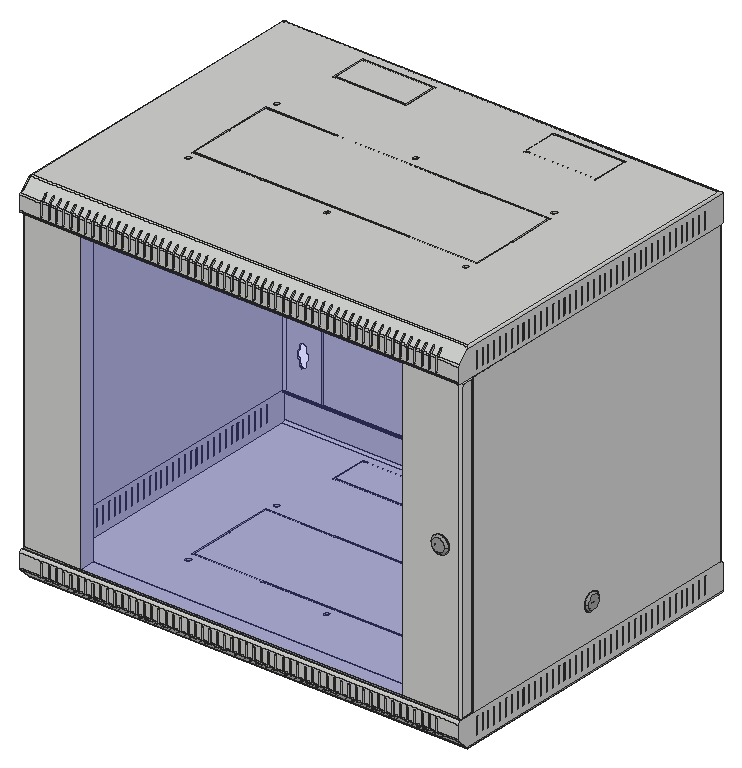
Revit family "600х450", category Обобщенные модели, Revit 2019
Family settings
  Может служить основой для арматурных стержней = Нет
  Размер круглого соединителя = Использовать диаметр
  Тип детали = Нормальный
  На основе рабочей плоскости = Нет
  Всегда вертикально = Да
  При загрузке вырезать с полостями = Нет
  Общий = Нет
  Точка расчета площади = Нет
Parameters (values of type "ШТ-НСрМ 9U (600x450) стеклянная дверь")
  Дверь = Дверь_С : Дверь_С
  Высота_двери = ADSK_Размер_Высота - 80 mm  # 413 mm
  ADSK_Этаж [instance] = ""
  ADSK_Размер_Ширина = 600 mm  # constant formula
  ADSK_Размер_Глубина = 450 mm  # constant formula
  ADSK_Размер_Высота = 493 mm
  ADSK_Примечание [instance] = ""
  ADSK_Предел огнестойкости = ""
  ADSK_Позиция [instance] = ""
  ADSK_Обозначение = "ШТ-НСрМ 9U (600x450) стеклянная дверь"
  ADSK_Наименование = "Шкаф телекоммуникационный настенный разборный со съемными боковыми стенками 19”,9U(600x450), ШТ-НСрМ-9U-600-450-С дверь стекло ССД"
  ADSK_Материал обозначение = "Серый RAL 7035"  # constant formula
  ADSK_Масса_Текст = "18,5"
  ADSK_Марка [instance] = "ШТ-НСрМ 9U (600x450) стеклянная дверь"
  ADSK_Код изделия = "130411-00793"
  ADSK_Зона = ""
  ADSK_Завод-изготовитель = "АО СВЯЗЬСТРОЙДЕТАЛЬ"  # constant formula
  ADSK_Единица измерения = "шт"  # constant formula
  ADSK_URL страницы изделия = "https://www.ssd.ru/shkaf-telekommunikatsionnyy-nastennyy-razbornyy-so-semnymi-bokovymi-stenkami-19-9u-600x450-sht-nsrm--75394"
  ADSK_URL документации изделия = ""
Reference planes
  plane 1 "По центру (Вперед/Назад)": y = 0
  plane 2: z = 0
  plane 3 "По центру (Влево/Вправо)": x = 0
  plane 4: y = 225
  plane 5: y = -225
  plane 6: x = -300
  plane 7: x = 300
  plane 8: z = 246.5
  plane 9: z = -246.5
  plane 10: z = 206.5
  plane 11: z = -206.5
Forms (mm)
  Extrusion 1, solid, material "RAL 7035", detail levels medium+fine
    sketch origin (0, 174.994, 41.996) x (0, 1, 0) y (-1, 0, 0)
      loop
        line (47.006, 300) -> (-375.51, 300)
        arc (-375.51, 300) -> (-376.004, 299.506) -> (-375.51, 299.013) r 0.494
        line (-375.51, 299.013) -> (45.992, 299.013)
        arc (45.992, 299.013) -> (48.118, 298.132) -> (48.999, 296.006) r 3.007
        line (48.999, 296.006) -> (48.999, 246.94)
        arc (48.999, 246.94) -> (49.499, 246.44) -> (50, 246.94) r 0.501
        line (50, 246.94) -> (50, 297.006)
        arc (50, 297.006) -> (49.123, 299.123) -> (47.006, 300) r 2.994
      loop
        arc (46.993, -300) -> (49.119, -299.119) -> (50, -296.993) r 3.007
        line (50, -296.993) -> (50, -246.948)
        arc (50, -246.948) -> (49.499, -246.447) -> (48.998, -246.948) r 0.501
        line (48.998, -246.948) -> (48.998, -295.993)
        arc (48.998, -295.993) -> (48.117, -298.119) -> (45.991, -299) r 3.007
        line (45.991, -299) -> (-375.504, -299)
        arc (-375.504, -299) -> (-376.004, -299.5) -> (-375.504, -300) r 0.5
        line (-375.504, -300) -> (46.993, -300)
      loop
        line (49.006, 245.778) -> (49.006, -245.93)
        arc (49.006, -245.93) -> (49.506, -246.43) -> (50.006, -245.93) r 0.5
        line (50.006, -245.93) -> (50.006, 245.778)
        arc (50.006, 245.778) -> (49.506, 246.278) -> (49.006, 245.778) r 0.5
    from -248.496 to 164.504
  Extrusion 2, void, detail levels fine
    sketch origin (3.917, 0, 85.311) x (1, 0, 0) y (0, 0, 1)
      loop
        line (273.229, 77.108) -> (273.229, 81.669)
        arc (273.229, 81.669) -> (268.229, 86.669) -> (263.229, 81.669) r 5
        line (263.229, 81.669) -> (263.229, 77.09)
        arc (263.229, 77.09) -> (260.241, 70.854) -> (263.229, 64.618) r 8
        line (263.229, 64.618) -> (263.229, 60.039)
        arc (263.229, 60.039) -> (268.229, 55.039) -> (273.229, 60.039) r 5
        line (273.229, 60.039) -> (273.229, 64.6)
        arc (273.229, 64.6) -> (276.241, 70.854) -> (273.229, 77.108) r 8
    from -223.921 to -225
  Extrusion 3, void, detail levels fine
    sketch origin (-3.917, 0, 85.311) x (-1, 0, 0) y (0, 0, -1)
      loop
        arc (273.229, -77.108) -> (276.241, -70.854) -> (273.229, -64.6) r 8
        line (273.229, -64.6) -> (273.229, -60.039)
        arc (273.229, -60.039) -> (268.229, -55.039) -> (263.229, -60.039) r 5
        line (263.229, -60.039) -> (263.229, -64.618)
        arc (263.229, -64.618) -> (260.241, -70.854) -> (263.229, -77.09) r 8
        line (263.229, -77.09) -> (263.229, -81.669)
        arc (263.229, -81.669) -> (268.229, -86.669) -> (273.229, -81.669) r 5
        line (273.229, -81.669) -> (273.229, -77.108)
    from -223.921 to -225
  Extrusion 4, void, detail levels fine
    sketch origin (3.917, 0, -85.311) x (1, 0, 0) y (0, 0, 1)
      loop
        arc (273.229, -77.108) -> (276.241, -70.854) -> (273.229, -64.6) r 8
        line (273.229, -64.6) -> (273.229, -60.039)
        arc (273.229, -60.039) -> (268.229, -55.039) -> (263.229, -60.039) r 5
        line (263.229, -60.039) -> (263.229, -64.618)
        arc (263.229, -64.618) -> (260.241, -70.854) -> (263.229, -77.09) r 8
        line (263.229, -77.09) -> (263.229, -81.669)
        arc (263.229, -81.669) -> (268.229, -86.669) -> (273.229, -81.669) r 5
        line (273.229, -81.669) -> (273.229, -77.108)
    from -225 to -223.993
  Extrusion 5, void, detail levels fine
    sketch origin (-3.917, 0, -85.311) x (-1, 0, 0) y (0, 0, -1)
      loop
        line (273.229, 77.108) -> (273.229, 81.669)
        arc (273.229, 81.669) -> (268.229, 86.669) -> (263.229, 81.669) r 5
        line (263.229, 81.669) -> (263.229, 77.09)
        arc (263.229, 77.09) -> (260.241, 70.854) -> (263.229, 64.618) r 8
        line (263.229, 64.618) -> (263.229, 60.039)
        arc (263.229, 60.039) -> (268.229, 55.039) -> (273.229, 60.039) r 5
        line (273.229, 60.039) -> (273.229, 64.6)
        arc (273.229, 64.6) -> (276.241, 70.854) -> (273.229, 77.108) r 8
    from -223.993 to -225
  Extrusion 6, void, not visible, detail levels fine
    sketch origin (3.917, -50, 13.811) x (1, 0, 0) y (0, 0, 1)
      loop
        line (273.229, 77.108) -> (273.229, 81.669)
        arc (273.229, 81.669) -> (268.229, 86.669) -> (263.229, 81.669) r 5
        line (263.229, 81.669) -> (263.229, 77.09)
        arc (263.229, 77.09) -> (260.241, 70.854) -> (263.229, 64.618) r 8
        line (263.229, 64.618) -> (263.229, 60.039)
        arc (263.229, 60.039) -> (268.229, 55.039) -> (273.229, 60.039) r 5
        line (273.229, 60.039) -> (273.229, 64.6)
        arc (273.229, 64.6) -> (276.241, 70.854) -> (273.229, 77.108) r 8
    from -223.921 to -225
  Extrusion 7, void, not visible, detail levels fine
    sketch origin (-3.917, -50, 13.811) x (-1, 0, 0) y (0, 0, -1)
      loop
        arc (273.229, -77.108) -> (276.241, -70.854) -> (273.229, -64.6) r 8
        line (273.229, -64.6) -> (273.229, -60.039)
        arc (273.229, -60.039) -> (268.229, -55.039) -> (263.229, -60.039) r 5
        line (263.229, -60.039) -> (263.229, -64.618)
        arc (263.229, -64.618) -> (260.241, -70.854) -> (263.229, -77.09) r 8
        line (263.229, -77.09) -> (263.229, -81.669)
        arc (263.229, -81.669) -> (268.229, -86.669) -> (273.229, -81.669) r 5
        line (273.229, -81.669) -> (273.229, -77.108)
    from -223.921 to -225
  Extrusion 8, void, not visible, detail levels fine
    sketch origin (3.917, 0, -13.811) x (1, 0, 0) y (0, 0, 1)
      loop
        arc (273.229, -77.108) -> (276.241, -70.854) -> (273.229, -64.6) r 8
        line (273.229, -64.6) -> (273.229, -60.039)
        arc (273.229, -60.039) -> (268.229, -55.039) -> (263.229, -60.039) r 5
        line (263.229, -60.039) -> (263.229, -64.618)
        arc (263.229, -64.618) -> (260.241, -70.854) -> (263.229, -77.09) r 8
        line (263.229, -77.09) -> (263.229, -81.669)
        arc (263.229, -81.669) -> (268.229, -86.669) -> (273.229, -81.669) r 5
        line (273.229, -81.669) -> (273.229, -77.108)
    from -225 to -223.993
  Extrusion 9, void, not visible, detail levels fine
    sketch origin (-3.917, 0, -13.811) x (-1, 0, 0) y (0, 0, -1)
      loop
        line (273.229, 77.108) -> (273.229, 81.669)
        arc (273.229, 81.669) -> (268.229, 86.669) -> (263.229, 81.669) r 5
        line (263.229, 81.669) -> (263.229, 77.09)
        arc (263.229, 77.09) -> (260.241, 70.854) -> (263.229, 64.618) r 8
        line (263.229, 64.618) -> (263.229, 60.039)
        arc (263.229, 60.039) -> (268.229, 55.039) -> (273.229, 60.039) r 5
        line (273.229, 60.039) -> (273.229, 64.6)
        arc (273.229, 64.6) -> (276.241, 70.854) -> (273.229, 77.108) r 8
    from -223.993 to -225
  Extrusion 10, solid, material "По умолчанию", detail levels medium+fine
    sketch origin (0, 0, -15.973) x (0, 1, 0) y (0, 0, 1)
      loop
        circle (0, -140.561) r 12
    from -300 to -301
  Blend 11, solid, material "По умолчанию", detail levels medium+fine
    base sketch origin (0, 30.14, -15.973) x (0, 1, 0) y (0, 0, 1)
      loop
        circle (-30.14, -140.561) r 12
    top sketch origin (0, 30.14, -15.973) x (0, 1, 0) y (0, 0, 1)
      loop
        circle (-30.14, -140.561) r 9
    from -301 to -304
  Extrusion 12, solid, material "По умолчанию", not visible, detail levels medium+fine
    sketch origin (0, 0, -94.473) x (0, 1, 0) y (0, 0, 1)
      loop
        circle (0, -140.561) r 12
    from -300 to -301
  Blend 13, solid, material "По умолчанию", not visible, detail levels medium+fine
    base sketch origin (0, 30.14, -94.473) x (0, 1, 0) y (0, 0, 1)
      loop
        circle (-30.14, -140.561) r 12
    top sketch origin (0, 30.14, -94.473) x (0, 1, 0) y (0, 0, 1)
      loop
        circle (-30.14, -140.561) r 9
    from -301 to -304
  Extrusion 14, solid, material "По умолчанию", detail levels medium+fine
    sketch origin (0, 0, -15.973) x (0, 1, 0) y (0, 0, -1)
      loop
        circle (0, 140.561) r 12
    from -300 to -301
  Blend 15, solid, material "По умолчанию", detail levels medium+fine
    base sketch origin (0, 30.14, -15.973) x (0, 1, 0) y (0, 0, -1)
      loop
        circle (-30.14, 140.561) r 12
    top sketch origin (0, 30.14, -15.973) x (0, 1, 0) y (0, 0, -1)
      loop
        circle (-30.14, 140.561) r 9
    from -301 to -304
  Extrusion 16, solid, material "По умолчанию", not visible, detail levels medium+fine
    sketch origin (0, 0, -94.473) x (0, 1, 0) y (0, 0, -1)
      loop
        circle (0, 140.561) r 12
    from -300 to -301
  Blend 17, solid, material "По умолчанию", not visible, detail levels medium+fine
    base sketch origin (0, 30.14, -94.473) x (0, 1, 0) y (0, 0, -1)
      loop
        circle (-30.14, 140.561) r 12
    top sketch origin (0, 30.14, -94.473) x (0, 1, 0) y (0, 0, -1)
      loop
        circle (-30.14, 140.561) r 9
    from -301 to -304
  Extrusion 18, void
    sketch origin (0, 0.347, 80.075) x (0, 1, 0) y (0, 0, 1)
      loop
        line (-4.848, -235.859) -> (-4.848, -237.359) -> (3.152, -237.359) -> (3.152, -235.859) -> (-4.848, -235.859)
    from -302 to -304
  Extrusion 19, void
    sketch origin (0, 0, 78.5) x (0, 1, 0) y (0, 0, 1)
      loop
        line (-4.501, -234.284) -> (-4.501, -235.784) -> (3.499, -235.784) -> (3.499, -234.284) -> (-4.501, -234.284)
    from 302 to 304
  Extrusion 20, void, not visible
    sketch origin (0, 0.347, 1.575) x (0, 1, 0) y (0, 0, 1)
      loop
        line (-4.848, -235.859) -> (-4.848, -237.359) -> (3.152, -237.359) -> (3.152, -235.859) -> (-4.848, -235.859)
    from -302 to -304
  Extrusion 21, void, not visible
    sketch origin (0, 0, 0) x (0, 1, 0) y (0, 0, 1)
      loop
        line (-4.501, -234.284) -> (-4.501, -235.784) -> (3.499, -235.784) -> (3.499, -234.284) -> (-4.501, -234.284)
    from 302 to 304
  Extrusion 22, solid, material "RAL 7035", detail levels coarse
    sketch origin (0, 0, 0) x (1, 0, 0) y (0, 0, 1)
      loop
        line (-300, 246.5) -> (-300, -246.5) -> (300, -246.5) -> (300, 246.5) -> (-300, 246.5)
    from -225 to 225
Cuts and joins
  Extrusion 2, Extrusion 3, Extrusion 4, Extrusion 5, Extrusion 19 cuts Extrusion 1
  Extrusion 18 cuts Blend 11
  Extrusion 19 cuts Extrusion 14
  Extrusion 19 cuts Blend 15
Lines and regions (mm)
  reference lines
    curve 1: line (280.158, 0, 156.165) -> (264.158, 0, 156.165)
    curve 3: line (280.158, 0, -156.165) -> (264.158, 0, -156.165)
    curve 5: line (0, -12, -156.534) -> (0, -42, -156.534)
  reference lines, not visible
    curve 2: line (280.158, -50, 84.665) -> (264.158, -50, 84.665)
    curve 4: line (280.158, 0, -84.665) -> (264.158, 0, -84.665)
    curve 6: line (0, -12, -235.034) -> (0, -42, -235.034)
Dimensions and locks
  "ADSK_Размер_Высота": plane 8 to plane 9
  equal spacing: plane 8, level, plane 9
  equal spacing: plane 7, plane 3 "По центру (Влево/Вправо)", plane 6
  "ADSK_Размер_Ширина": plane 7 to plane 6
  equal spacing: plane 4, plane 1 "По центру (Вперед/Назад)", plane 5
  "ADSK_Размер_Глубина": plane 4 to plane 5
  level to Extrusion 1 = 206.5 mm
  locked: plane 10 to plane 8 at 40
  locked: plane 9 to plane 11 at 40
  locked: curve 1 to plane 10 at 50.335
  locked: plane 11 to curve 3 at 50.335
  locked: plane 9 to curve 5 at 89.966
  plane 10 to nested 1 = 40 mm
  locked: plane 8 to nested 1 at 40
  locked: plane 11 to nested 3 at 40
  aligned and locked: level to plane 2
  aligned and locked: Extrusion 1 to plane 6
  aligned and locked: plane 7 to Extrusion 1
  aligned and locked: plane 10 to Extrusion 1
  aligned and locked: Extrusion 1 to plane 11
  aligned and locked: Extrusion 22 to plane 6
  aligned and locked: plane 7 to Extrusion 22
  aligned and locked: Extrusion 22 to plane 9
  aligned and locked: plane 8 to Extrusion 22
  aligned and locked: Extrusion 22 to plane 4
  aligned and locked: plane 5 to Extrusion 22
Automatic sketch dimensions
  Extrusion 2 sketch curve to Extrusion 2 sketch curve = 0 mm  (x5)
  Extrusion 2 sketch curve to Extrusion 2 sketch curve = 5 mm  (x2)
  Extrusion 2 sketch curve to Extrusion 2 sketch curve = 4.988 mm
  Extrusion 2 sketch curve to Extrusion 2 sketch curve = 4.56 mm  (x2)
  Extrusion 2 sketch curve to Extrusion 2 sketch curve = 4.579 mm
  Extrusion 2 sketch curve to Extrusion 2 sketch curve = 6.254 mm
  Extrusion 3 sketch curve to Extrusion 3 sketch curve = 0 mm  (x5)
  Extrusion 3 sketch curve to Extrusion 3 sketch curve = 5 mm  (x2)
  Extrusion 3 sketch curve to Extrusion 3 sketch curve = 4.988 mm
  Extrusion 3 sketch curve to Extrusion 3 sketch curve = 4.56 mm  (x2)
  Extrusion 3 sketch curve to Extrusion 3 sketch curve = 4.579 mm
  Extrusion 3 sketch curve to Extrusion 3 sketch curve = 6.254 mm
  Extrusion 4 sketch curve to Extrusion 4 sketch curve = 0 mm  (x5)
  Extrusion 4 sketch curve to Extrusion 4 sketch curve = 5 mm  (x2)
  Extrusion 4 sketch curve to Extrusion 4 sketch curve = 4.988 mm
  Extrusion 4 sketch curve to Extrusion 4 sketch curve = 4.56 mm  (x2)
  Extrusion 4 sketch curve to Extrusion 4 sketch curve = 4.579 mm
  Extrusion 4 sketch curve to Extrusion 4 sketch curve = 6.254 mm
  Extrusion 5 sketch curve to Extrusion 5 sketch curve = 0 mm  (x5)
  Extrusion 5 sketch curve to Extrusion 5 sketch curve = 5 mm  (x2)
  Extrusion 5 sketch curve to Extrusion 5 sketch curve = 4.988 mm
  Extrusion 5 sketch curve to Extrusion 5 sketch curve = 4.56 mm  (x2)
  Extrusion 5 sketch curve to Extrusion 5 sketch curve = 4.579 mm
  Extrusion 5 sketch curve to Extrusion 5 sketch curve = 6.254 mm
  Extrusion 6 sketch curve to Extrusion 6 sketch curve = 0 mm  (x5)
  Extrusion 6 sketch curve to Extrusion 6 sketch curve = 5 mm  (x2)
  Extrusion 6 sketch curve to Extrusion 6 sketch curve = 4.988 mm
  Extrusion 6 sketch curve to Extrusion 6 sketch curve = 4.56 mm  (x2)
  Extrusion 6 sketch curve to Extrusion 6 sketch curve = 4.579 mm
  Extrusion 6 sketch curve to Extrusion 6 sketch curve = 6.254 mm
  Extrusion 7 sketch curve to Extrusion 7 sketch curve = 0 mm  (x5)
  Extrusion 7 sketch curve to Extrusion 7 sketch curve = 5 mm  (x2)
  Extrusion 7 sketch curve to Extrusion 7 sketch curve = 4.988 mm
  Extrusion 7 sketch curve to Extrusion 7 sketch curve = 4.56 mm  (x2)
  Extrusion 7 sketch curve to Extrusion 7 sketch curve = 4.579 mm
  Extrusion 7 sketch curve to Extrusion 7 sketch curve = 6.254 mm
  Extrusion 8 sketch curve to Extrusion 8 sketch curve = 0 mm  (x5)
  Extrusion 8 sketch curve to Extrusion 8 sketch curve = 5 mm  (x2)
  Extrusion 8 sketch curve to Extrusion 8 sketch curve = 4.988 mm
  Extrusion 8 sketch curve to Extrusion 8 sketch curve = 4.56 mm  (x2)
  Extrusion 8 sketch curve to Extrusion 8 sketch curve = 4.579 mm
  Extrusion 8 sketch curve to Extrusion 8 sketch curve = 6.254 mm
  Extrusion 9 sketch curve to Extrusion 9 sketch curve = 0 mm  (x5)
  Extrusion 9 sketch curve to Extrusion 9 sketch curve = 5 mm  (x2)
  Extrusion 9 sketch curve to Extrusion 9 sketch curve = 4.988 mm
  Extrusion 9 sketch curve to Extrusion 9 sketch curve = 4.56 mm  (x2)
  Extrusion 9 sketch curve to Extrusion 9 sketch curve = 4.579 mm
  Extrusion 9 sketch curve to Extrusion 9 sketch curve = 6.254 mm
  Extrusion 1 sketch curve to plane 6 = 0 mm
  Extrusion 1 sketch curve to plane 7 = 0 mm
  plane 4 to Extrusion 1 sketch curve = 0 mm
  plane 4 to Extrusion 1 sketch curve = 0.006 mm  (x2)
  plane 4 to Extrusion 1 sketch curve = 0.5 mm
  Extrusion 1 sketch curve to Extrusion 1 sketch curve = 0.501 mm  (x2)
  plane 4 to Extrusion 1 sketch curve = 2.999 mm
  plane 4 to Extrusion 1 sketch curve = 3.012 mm
  Extrusion 1 sketch curve to Extrusion 1 sketch curve = 1.014 mm
  Extrusion 1 sketch curve to plane 7 = 1 mm
  Extrusion 1 sketch curve to Extrusion 1 sketch curve = 1.002 mm
  Extrusion 1 sketch curve to plane 5 = 24.49 mm
  plane 6 to Extrusion 1 sketch curve = 0.494 mm
  Extrusion 1 sketch curve to plane 5 = 24.484 mm
  Extrusion 1 sketch curve to Extrusion 1 sketch curve = 49.046 mm
  Extrusion 1 sketch curve to Extrusion 1 sketch curve = 1.018 mm
  Extrusion 1 sketch curve to Extrusion 1 sketch curve = 50.228 mm
  Extrusion 1 sketch curve to Extrusion 1 sketch curve = 1.162 mm
  Extrusion 18 sketch curve to Extrusion 18 sketch curve = 1.5 mm
  Extrusion 19 sketch curve to Extrusion 19 sketch curve = 8 mm
  Extrusion 19 sketch curve to Extrusion 19 sketch curve = 1.5 mm
  Extrusion 18 sketch curve to Extrusion 18 sketch curve = 8 mm
  Extrusion 20 sketch curve to Extrusion 20 sketch curve = 8 mm
  Extrusion 22 sketch curve to plane 6 = 0 mm
  Extrusion 22 sketch curve to plane 7 = 0 mm
  Extrusion 22 sketch curve to plane 8 = 493 mm
  Extrusion 22 sketch curve to Extrusion 22 sketch curve = 493 mm
  radius of Extrusion 10 sketch curve = 12 mm
  radius of Blend 11 sketch curve = 12 mm
  radius of Blend 11 sketch curve = 9 mm
  radius of Extrusion 14 sketch curve = 12 mm
  radius of Blend 15 sketch curve = 12 mm
  radius of Blend 15 sketch curve = 9 mm
  radius of Extrusion 12 sketch curve = 12 mm
  radius of Blend 13 sketch curve = 12 mm
  radius of Blend 13 sketch curve = 9 mm
  radius of Extrusion 16 sketch curve = 12 mm
  radius of Blend 17 sketch curve = 12 mm
  radius of Blend 17 sketch curve = 9 mm
Nested families
  nested 1: "Крышка 450" at (0, 225, -3.5) x (-1, 0, 0) z (0, -1, 0), type "Крышка 450", detail levels medium+fine
  nested 2: "Дверь_С" at (0, -201, 0), ADSK_Размер_Высота <- "Высота_двери", type <- "Дверь", type "Дверь_С", detail levels medium+fine
    with ADSK_Размер_Высота 413 mm
  nested 3: "Крышка 450" at (0, 225, 3.5) x (-1, 0, 0) z (0, -1, 0), type "Крышка 450", detail levels medium+fine
Definition of nested family "Крышка 450"
  Parameters (values of type "Крышка 450")
    Ширина = 600 mm
    Default Elevation = 0 mm
    Материал_Цвет = none
    Глубина = 450 mm
  Reference planes
    plane 1 "По центру (Вперед/Назад)": y = 0
    plane 2: z = 0
    plane 3 "По центру (Влево/Вправо)": x = 0
    plane 4: x = 300
    plane 5: x = -300
    plane 6: y = 250
    plane 7: y = -250
    plane 8: z = 450
  Forms (mm)
    Extrusion 1, solid
      sketch origin (0, 0, 0) x (1, 0, 0) y (0, 1, 0)
        loop
          line (-1219.2, 1219.2) -> (-1219.2, -1219.2) -> (1219.2, -1219.2) -> (1219.2, 1219.2) -> (-1219.2, 1219.2)
      from 0 to -304.8
    Extrusion 2, solid, material <- "Материал_Цвет", detail levels medium+fine
      sketch origin (0, 310.254, -563.001) x (0, 1, 0) y (0, 0, 1)
        loop
          arc (-60.254, 994.781) -> (-60.483, 995.929) -> (-61.133, 996.903) r 3
          line (-61.133, 996.903) -> (-76.353, 1012.122)
          arc (-76.353, 1012.122) -> (-77.326, 1012.773) -> (-78.474, 1013.001) r 3
          line (-78.474, 1013.001) -> (-97.254, 1013.001)
          arc (-97.254, 1013.001) -> (-99.376, 1012.122) -> (-100.254, 1010.001) r 3
          line (-100.254, 1010.001) -> (-100.254, 566.001)
          arc (-100.254, 566.001) -> (-99.376, 563.88) -> (-97.254, 563.001) r 3
          line (-97.254, 563.001) -> (-63.254, 563.001)
          arc (-63.254, 563.001) -> (-61.133, 563.88) -> (-60.254, 566.001) r 3
          line (-60.254, 566.001) -> (-60.254, 994.781)
      from -300 to 300
    Extrusion 3, void, detail levels medium+fine
      sketch origin (-302.566, 67.262, 0) x (1, 0, 0) y (0, 1, 0)
        loop
          line (31.066, 172.333) -> (31.066, 148.933)
          arc (31.066, 148.933) -> (32.566, 147.433) -> (34.066, 148.933) r 1.5
          line (34.066, 148.933) -> (34.066, 172.333)
          arc (34.066, 172.333) -> (32.566, 173.833) -> (31.066, 172.333) r 1.5
      from 440 to 450 <- "Глубина"
    Extrusion 4, void, detail levels medium+fine
      sketch origin (0, 0, 0) x (1, 0, 0) y (0, 1, 0)
        loop
          arc (-300, 246.971) -> (-299.113, 249.113) -> (-296.971, 250) r 3.029
          line (-296.971, 250) -> (-300, 250) -> (-300, 246.971)
      from 0 to 450 <- "Глубина"
    Extrusion 5, void, detail levels medium+fine
      sketch origin (0, 0, 0) x (-1, 0, 0) y (0, -1, 0)
        loop
          line (-300, -246.971) -> (-300, -250) -> (-296.971, -250)
          arc (-296.971, -250) -> (-299.113, -249.113) -> (-300, -246.971) r 3.029
      from 0 to 450 <- "Глубина"
    Extrusion 6, void, detail levels medium+fine
      sketch origin (0, 0, -294.506) x (0, 1, 0) y (0, 0, 1)
        loop
          line (238.196, 326.499) -> (216.196, 326.499)
          arc (216.196, 326.499) -> (214.449, 324.752) -> (216.196, 323.006) r 1.747
          line (216.196, 323.006) -> (238.196, 323.006)
          arc (238.196, 323.006) -> (239.942, 324.752) -> (238.196, 326.499) r 1.747
      from 299 to 300
    Extrusion 7, void, detail levels medium+fine
      sketch origin (0, 0, 0) x (1, 0, 0) y (0, 0, 1)
        loop
          line (-101, 162.018) -> (-101, 164.018) -> (-193, 164.018) -> (-193, 224.018) -> (-195, 224.018) -> (-195, 162.018) -> (-101, 162.018)
        loop
          line (-100, 162.018) -> (100, 162.018) -> (100, 164.018) -> (-100, 164.018) -> (-100, 162.018)
        loop
          line (101, 162.018) -> (195, 162.018) -> (195, 224.018) -> (193, 224.018) -> (193, 164.018) -> (101, 164.018) -> (101, 162.018)
        loop
          line (-101, 288.018) -> (-195, 288.018) -> (-195, 226.018) -> (-193, 226.018) -> (-193, 286.018) -> (-101, 286.018) -> (-101, 288.018)
        loop
          line (-100, 288.018) -> (-100, 286.018) -> (100, 286.018) -> (100, 288.018) -> (-100, 288.018)
        loop
          line (101, 288.018) -> (101, 286.018) -> (193, 286.018) -> (193, 226.018) -> (195, 226.018) -> (195, 288.018) -> (101, 288.018)
        loop
          circle (189.7, 149.518) r 3.3
        loop
          circle (0, 149.518) r 3.3
        loop
          circle (-189.7, 149.518) r 3.3
        loop
          circle (189.7, 300.518) r 3.3
        loop
          circle (0, 300.518) r 3.3
        loop
          circle (-189.7, 300.518) r 3.3
        loop
          line (83, 65) -> (83, 63) -> (177, 63) -> (177, 65) -> (83, 65)
        loop
          line (178, 65) -> (178, 15) -> (180, 15) -> (180, 65) -> (178, 65)
        loop
          line (83, 15) -> (177, 15) -> (177, 17) -> (83, 17) -> (83, 15)
        loop
          line (82, 65) -> (80, 65) -> (80, 15) -> (82, 15) -> (82, 65)
        loop
          line (-83, 65) -> (-177, 65) -> (-177, 63) -> (-83, 63) -> (-83, 65)
        loop
          line (-178, 65) -> (-180, 65) -> (-180, 15) -> (-178, 15) -> (-178, 65)
        loop
          line (-83, 15) -> (-83, 17) -> (-177, 17) -> (-177, 15) -> (-83, 15)
        loop
          line (-82, 65) -> (-82, 15) -> (-80, 15) -> (-80, 65) -> (-82, 65)
      from -250 to -210
    Extrusion 8, void, detail levels medium+fine
      sketch origin (0, 0, 0) x (0, 1, 0) y (0, 0, 1)
        loop
          arc (213.847, 449.125) -> (211.726, 448.247) -> (210.847, 446.125) r 3
          line (210.847, 446.125) -> (210, 446.125) -> (210, 3.911) -> (210.847, 3.911)
          arc (210.847, 3.911) -> (211.726, 1.79) -> (213.847, 0.911) r 3
          line (213.847, 0.911) -> (246, 0.911)
          arc (246, 0.911) -> (248.121, 1.79) -> (249, 3.911) r 3
          line (249, 3.911) -> (249, 431.785)
          arc (249, 431.785) -> (248.772, 432.932) -> (248.122, 433.904) r 2.997
          line (248.122, 433.904) -> (233.78, 448.247)
          arc (233.78, 448.247) -> (232.807, 448.897) -> (231.659, 449.125) r 3
          line (231.659, 449.125) -> (213.847, 449.125)
      from -299 to 299
    Extrusion 9, void, detail levels medium+fine
      sketch origin (0, 0, -284.506) x (0, 1, 0) y (0, 0, 1)
        loop
          line (238.196, 326.499) -> (216.196, 326.499)
          arc (216.196, 326.499) -> (214.449, 324.752) -> (216.196, 323.006) r 1.747
          line (216.196, 323.006) -> (238.196, 323.006)
          arc (238.196, 323.006) -> (239.942, 324.752) -> (238.196, 326.499) r 1.747
      from 299 to 300
    Extrusion 10, void, detail levels medium+fine
      sketch origin (0, 0, -274.506) x (0, 1, 0) y (0, 0, 1)
        loop
          line (238.196, 326.499) -> (216.196, 326.499)
          arc (216.196, 326.499) -> (214.449, 324.752) -> (216.196, 323.006) r 1.747
          line (216.196, 323.006) -> (238.196, 323.006)
          arc (238.196, 323.006) -> (239.942, 324.752) -> (238.196, 326.499) r 1.747
      from 299 to 300
    Extrusion 11, void, detail levels medium+fine
      sketch origin (0, 0, -264.506) x (0, 1, 0) y (0, 0, 1)
        loop
          line (238.196, 326.499) -> (216.196, 326.499)
          arc (216.196, 326.499) -> (214.449, 324.752) -> (216.196, 323.006) r 1.747
          line (216.196, 323.006) -> (238.196, 323.006)
          arc (238.196, 323.006) -> (239.942, 324.752) -> (238.196, 326.499) r 1.747
      from 299 to 300
    Extrusion 12, void, detail levels medium+fine
      sketch origin (0, 0, -254.506) x (0, 1, 0) y (0, 0, 1)
        loop
          line (238.196, 326.499) -> (216.196, 326.499)
          arc (216.196, 326.499) -> (214.449, 324.752) -> (216.196, 323.006) r 1.747
          line (216.196, 323.006) -> (238.196, 323.006)
          arc (238.196, 323.006) -> (239.942, 324.752) -> (238.196, 326.499) r 1.747
      from 299 to 300
    Extrusion 13, void, detail levels medium+fine
      sketch origin (0, 0, -244.506) x (0, 1, 0) y (0, 0, 1)
        loop
          line (238.196, 326.499) -> (216.196, 326.499)
          arc (216.196, 326.499) -> (214.449, 324.752) -> (216.196, 323.006) r 1.747
          line (216.196, 323.006) -> (238.196, 323.006)
          arc (238.196, 323.006) -> (239.942, 324.752) -> (238.196, 326.499) r 1.747
      from 299 to 300
    Extrusion 14, void, detail levels medium+fine
      sketch origin (0, 0, -234.506) x (0, 1, 0) y (0, 0, 1)
        loop
          line (238.196, 326.499) -> (216.196, 326.499)
          arc (216.196, 326.499) -> (214.449, 324.752) -> (216.196, 323.006) r 1.747
          line (216.196, 323.006) -> (238.196, 323.006)
          arc (238.196, 323.006) -> (239.942, 324.752) -> (238.196, 326.499) r 1.747
      from 299 to 300
    Extrusion 15, void, detail levels medium+fine
      sketch origin (0, 0, -224.506) x (0, 1, 0) y (0, 0, 1)
        loop
          line (238.196, 326.499) -> (216.196, 326.499)
          arc (216.196, 326.499) -> (214.449, 324.752) -> (216.196, 323.006) r 1.747
          line (216.196, 323.006) -> (238.196, 323.006)
          arc (238.196, 323.006) -> (239.942, 324.752) -> (238.196, 326.499) r 1.747
      from 299 to 300
    Extrusion 16, void, detail levels medium+fine
      sketch origin (0, 0, -214.506) x (0, 1, 0) y (0, 0, 1)
        loop
          line (238.196, 326.499) -> (216.196, 326.499)
          arc (216.196, 326.499) -> (214.449, 324.752) -> (216.196, 323.006) r 1.747
          line (216.196, 323.006) -> (238.196, 323.006)
          arc (238.196, 323.006) -> (239.942, 324.752) -> (238.196, 326.499) r 1.747
      from 299 to 300
    Extrusion 17, void, detail levels medium+fine
      sketch origin (0, 0, -204.506) x (0, 1, 0) y (0, 0, 1)
        loop
          line (238.196, 326.499) -> (216.196, 326.499)
          arc (216.196, 326.499) -> (214.449, 324.752) -> (216.196, 323.006) r 1.747
          line (216.196, 323.006) -> (238.196, 323.006)
          arc (238.196, 323.006) -> (239.942, 324.752) -> (238.196, 326.499) r 1.747
      from 299 to 300
    Extrusion 18, void, detail levels medium+fine
      sketch origin (0, 0, -194.506) x (0, 1, 0) y (0, 0, 1)
        loop
          line (238.196, 326.499) -> (216.196, 326.499)
          arc (216.196, 326.499) -> (214.449, 324.752) -> (216.196, 323.006) r 1.747
          line (216.196, 323.006) -> (238.196, 323.006)
          arc (238.196, 323.006) -> (239.942, 324.752) -> (238.196, 326.499) r 1.747
      from 299 to 300
    Extrusion 19, void, detail levels medium+fine
      sketch origin (0, 0, -184.506) x (0, 1, 0) y (0, 0, 1)
        loop
          line (238.196, 326.499) -> (216.196, 326.499)
          arc (216.196, 326.499) -> (214.449, 324.752) -> (216.196, 323.006) r 1.747
          line (216.196, 323.006) -> (238.196, 323.006)
          arc (238.196, 323.006) -> (239.942, 324.752) -> (238.196, 326.499) r 1.747
      from 299 to 300
    Extrusion 20, void, detail levels medium+fine
      sketch origin (0, 0, -174.506) x (0, 1, 0) y (0, 0, 1)
        loop
          line (238.196, 326.499) -> (216.196, 326.499)
          arc (216.196, 326.499) -> (214.449, 324.752) -> (216.196, 323.006) r 1.747
          line (216.196, 323.006) -> (238.196, 323.006)
          arc (238.196, 323.006) -> (239.942, 324.752) -> (238.196, 326.499) r 1.747
      from 299 to 300
    Extrusion 21, void, detail levels medium+fine
      sketch origin (0, 0, -164.506) x (0, 1, 0) y (0, 0, 1)
        loop
          line (238.196, 326.499) -> (216.196, 326.499)
          arc (216.196, 326.499) -> (214.449, 324.752) -> (216.196, 323.006) r 1.747
          line (216.196, 323.006) -> (238.196, 323.006)
          arc (238.196, 323.006) -> (239.942, 324.752) -> (238.196, 326.499) r 1.747
      from 299 to 300
    Extrusion 22, void, detail levels medium+fine
      sketch origin (0, 0, -154.506) x (0, 1, 0) y (0, 0, 1)
        loop
          line (238.196, 326.499) -> (216.196, 326.499)
          arc (216.196, 326.499) -> (214.449, 324.752) -> (216.196, 323.006) r 1.747
          line (216.196, 323.006) -> (238.196, 323.006)
          arc (238.196, 323.006) -> (239.942, 324.752) -> (238.196, 326.499) r 1.747
      from 299 to 300
    Extrusion 23, void, detail levels medium+fine
      sketch origin (0, 0, -144.506) x (0, 1, 0) y (0, 0, 1)
        loop
          line (238.196, 426.499) -> (216.196, 426.499)
          arc (216.196, 426.499) -> (214.449, 424.752) -> (216.196, 423.006) r 1.747
          line (216.196, 423.006) -> (238.196, 423.006)
          arc (238.196, 423.006) -> (239.942, 424.752) -> (238.196, 426.499) r 1.747
      from 299 to 300
    Extrusion 24, void, detail levels medium+fine
      sketch origin (0, 0, -134.506) x (0, 1, 0) y (0, 0, 1)
        loop
          line (238.196, 426.499) -> (216.196, 426.499)
          arc (216.196, 426.499) -> (214.449, 424.752) -> (216.196, 423.006) r 1.747
          line (216.196, 423.006) -> (238.196, 423.006)
          arc (238.196, 423.006) -> (239.942, 424.752) -> (238.196, 426.499) r 1.747
      from 299 to 300
    Extrusion 25, void, detail levels medium+fine
      sketch origin (0, 0, -124.506) x (0, 1, 0) y (0, 0, 1)
        loop
          line (238.196, 426.499) -> (216.196, 426.499)
          arc (216.196, 426.499) -> (214.449, 424.752) -> (216.196, 423.006) r 1.747
          line (216.196, 423.006) -> (238.196, 423.006)
          arc (238.196, 423.006) -> (239.942, 424.752) -> (238.196, 426.499) r 1.747
      from 299 to 300
    Extrusion 26, void, detail levels medium+fine
      sketch origin (0, 0, -114.506) x (0, 1, 0) y (0, 0, 1)
        loop
          line (238.196, 426.499) -> (216.196, 426.499)
          arc (216.196, 426.499) -> (214.449, 424.752) -> (216.196, 423.006) r 1.747
          line (216.196, 423.006) -> (238.196, 423.006)
          arc (238.196, 423.006) -> (239.942, 424.752) -> (238.196, 426.499) r 1.747
      from 299 to 300
    Extrusion 27, void, detail levels medium+fine
      sketch origin (0, 0, -104.506) x (0, 1, 0) y (0, 0, 1)
        loop
          line (238.196, 426.499) -> (216.196, 426.499)
          arc (216.196, 426.499) -> (214.449, 424.752) -> (216.196, 423.006) r 1.747
          line (216.196, 423.006) -> (238.196, 423.006)
          arc (238.196, 423.006) -> (239.942, 424.752) -> (238.196, 426.499) r 1.747
      from 299 to 300
    Extrusion 28, void, detail levels medium+fine
      sketch origin (0, 0, -94.506) x (0, 1, 0) y (0, 0, 1)
        loop
          line (238.196, 426.499) -> (216.196, 426.499)
          arc (216.196, 426.499) -> (214.449, 424.752) -> (216.196, 423.006) r 1.747
          line (216.196, 423.006) -> (238.196, 423.006)
          arc (238.196, 423.006) -> (239.942, 424.752) -> (238.196, 426.499) r 1.747
      from 299 to 300
    Extrusion 29, void, detail levels medium+fine
      sketch origin (0, 0, -84.506) x (0, 1, 0) y (0, 0, 1)
        loop
          line (238.196, 426.499) -> (216.196, 426.499)
          arc (216.196, 426.499) -> (214.449, 424.752) -> (216.196, 423.006) r 1.747
          line (216.196, 423.006) -> (238.196, 423.006)
          arc (238.196, 423.006) -> (239.942, 424.752) -> (238.196, 426.499) r 1.747
      from 299 to 300
    Extrusion 30, void, detail levels medium+fine
      sketch origin (0, 0, -74.506) x (0, 1, 0) y (0, 0, 1)
        loop
          line (238.196, 426.499) -> (216.196, 426.499)
          arc (216.196, 426.499) -> (214.449, 424.752) -> (216.196, 423.006) r 1.747
          line (216.196, 423.006) -> (238.196, 423.006)
          arc (238.196, 423.006) -> (239.942, 424.752) -> (238.196, 426.499) r 1.747
      from 299 to 300
    Extrusion 31, void, detail levels medium+fine
      sketch origin (0, 0, -64.506) x (0, 1, 0) y (0, 0, 1)
        loop
          line (238.196, 426.499) -> (216.196, 426.499)
          arc (216.196, 426.499) -> (214.449, 424.752) -> (216.196, 423.006) r 1.747
          line (216.196, 423.006) -> (238.196, 423.006)
          arc (238.196, 423.006) -> (239.942, 424.752) -> (238.196, 426.499) r 1.747
      from 299 to 300
    Extrusion 32, void, detail levels medium+fine
      sketch origin (0, 0, -54.506) x (0, 1, 0) y (0, 0, 1)
        loop
          line (238.196, 426.499) -> (216.196, 426.499)
          arc (216.196, 426.499) -> (214.449, 424.752) -> (216.196, 423.006) r 1.747
          line (216.196, 423.006) -> (238.196, 423.006)
          arc (238.196, 423.006) -> (239.942, 424.752) -> (238.196, 426.499) r 1.747
      from 299 to 300
    Extrusion 33, void, detail levels medium+fine
      sketch origin (0, 0, -44.506) x (0, 1, 0) y (0, 0, 1)
        loop
          line (238.196, 426.499) -> (216.196, 426.499)
          arc (216.196, 426.499) -> (214.449, 424.752) -> (216.196, 423.006) r 1.747
          line (216.196, 423.006) -> (238.196, 423.006)
          arc (238.196, 423.006) -> (239.942, 424.752) -> (238.196, 426.499) r 1.747
      from 299 to 300
    Extrusion 34, void, detail levels medium+fine
      sketch origin (0, 0, -34.506) x (0, 1, 0) y (0, 0, 1)
        loop
          line (238.196, 426.499) -> (216.196, 426.499)
          arc (216.196, 426.499) -> (214.449, 424.752) -> (216.196, 423.006) r 1.747
          line (216.196, 423.006) -> (238.196, 423.006)
          arc (238.196, 423.006) -> (239.942, 424.752) -> (238.196, 426.499) r 1.747
      from 299 to 300
    Extrusion 35, void, detail levels medium+fine
      sketch origin (0, 0, -24.506) x (0, 1, 0) y (0, 0, 1)
        loop
          line (238.196, 426.499) -> (216.196, 426.499)
          arc (216.196, 426.499) -> (214.449, 424.752) -> (216.196, 423.006) r 1.747
          line (216.196, 423.006) -> (238.196, 423.006)
          arc (238.196, 423.006) -> (239.942, 424.752) -> (238.196, 426.499) r 1.747
      from 299 to 300
    Extrusion 36, void, detail levels medium+fine
      sketch origin (0, 0, -14.506) x (0, 1, 0) y (0, 0, 1)
        loop
          line (238.196, 426.499) -> (216.196, 426.499)
          arc (216.196, 426.499) -> (214.449, 424.752) -> (216.196, 423.006) r 1.747
          line (216.196, 423.006) -> (238.196, 423.006)
          arc (238.196, 423.006) -> (239.942, 424.752) -> (238.196, 426.499) r 1.747
      from 299 to 300
    Extrusion 37, void, detail levels medium+fine
      sketch origin (0, 0, -4.506) x (0, 1, 0) y (0, 0, 1)
        loop
          line (238.196, 426.499) -> (216.196, 426.499)
          arc (216.196, 426.499) -> (214.449, 424.752) -> (216.196, 423.006) r 1.747
          line (216.196, 423.006) -> (238.196, 423.006)
          arc (238.196, 423.006) -> (239.942, 424.752) -> (238.196, 426.499) r 1.747
      from 299 to 300
    Extrusion 38, void, detail levels medium+fine
      sketch origin (0, 0, -94.506) x (0, 1, 0) y (0, 0, -1)
        loop
          arc (238.196, -426.499) -> (239.942, -424.752) -> (238.196, -423.006) r 1.747
          line (238.196, -423.006) -> (216.196, -423.006)
          arc (216.196, -423.006) -> (214.449, -424.752) -> (216.196, -426.499) r 1.747
          line (216.196, -426.499) -> (238.196, -426.499)
      from 299 to 300
    Extrusion 39, void, detail levels medium+fine
      sketch origin (0, 0, -84.506) x (0, 1, 0) y (0, 0, -1)
        loop
          arc (238.196, -426.499) -> (239.942, -424.752) -> (238.196, -423.006) r 1.747
          line (238.196, -423.006) -> (216.196, -423.006)
          arc (216.196, -423.006) -> (214.449, -424.752) -> (216.196, -426.499) r 1.747
          line (216.196, -426.499) -> (238.196, -426.499)
      from 299 to 300
    Extrusion 40, void, detail levels medium+fine
      sketch origin (0, 0, -74.506) x (0, 1, 0) y (0, 0, -1)
        loop
          arc (238.196, -426.499) -> (239.942, -424.752) -> (238.196, -423.006) r 1.747
          line (238.196, -423.006) -> (216.196, -423.006)
          arc (216.196, -423.006) -> (214.449, -424.752) -> (216.196, -426.499) r 1.747
          line (216.196, -426.499) -> (238.196, -426.499)
      from 299 to 300
    Extrusion 41, void, detail levels medium+fine
      sketch origin (0, 0, -64.506) x (0, 1, 0) y (0, 0, -1)
        loop
          arc (238.196, -426.499) -> (239.942, -424.752) -> (238.196, -423.006) r 1.747
          line (238.196, -423.006) -> (216.196, -423.006)
          arc (216.196, -423.006) -> (214.449, -424.752) -> (216.196, -426.499) r 1.747
          line (216.196, -426.499) -> (238.196, -426.499)
      from 299 to 300
    Extrusion 42, void, detail levels medium+fine
      sketch origin (0, 0, -54.506) x (0, 1, 0) y (0, 0, -1)
        loop
          arc (238.196, -426.499) -> (239.942, -424.752) -> (238.196, -423.006) r 1.747
          line (238.196, -423.006) -> (216.196, -423.006)
          arc (216.196, -423.006) -> (214.449, -424.752) -> (216.196, -426.499) r 1.747
          line (216.196, -426.499) -> (238.196, -426.499)
      from 299 to 300
    Extrusion 43, void, detail levels medium+fine
      sketch origin (0, 0, -44.506) x (0, 1, 0) y (0, 0, -1)
        loop
          arc (238.196, -426.499) -> (239.942, -424.752) -> (238.196, -423.006) r 1.747
          line (238.196, -423.006) -> (216.196, -423.006)
          arc (216.196, -423.006) -> (214.449, -424.752) -> (216.196, -426.499) r 1.747
          line (216.196, -426.499) -> (238.196, -426.499)
      from 299 to 300
    Extrusion 44, void, detail levels medium+fine
      sketch origin (0, 0, -34.506) x (0, 1, 0) y (0, 0, -1)
        loop
          arc (238.196, -426.499) -> (239.942, -424.752) -> (238.196, -423.006) r 1.747
          line (238.196, -423.006) -> (216.196, -423.006)
          arc (216.196, -423.006) -> (214.449, -424.752) -> (216.196, -426.499) r 1.747
          line (216.196, -426.499) -> (238.196, -426.499)
      from 299 to 300
    Extrusion 45, void, detail levels medium+fine
      sketch origin (0, 0, -24.506) x (0, 1, 0) y (0, 0, -1)
        loop
          arc (238.196, -426.499) -> (239.942, -424.752) -> (238.196, -423.006) r 1.747
          line (238.196, -423.006) -> (216.196, -423.006)
          arc (216.196, -423.006) -> (214.449, -424.752) -> (216.196, -426.499) r 1.747
          line (216.196, -426.499) -> (238.196, -426.499)
      from 299 to 300
    Extrusion 46, void, detail levels medium+fine
      sketch origin (0, 0, -14.506) x (0, 1, 0) y (0, 0, -1)
        loop
          arc (238.196, -426.499) -> (239.942, -424.752) -> (238.196, -423.006) r 1.747
          line (238.196, -423.006) -> (216.196, -423.006)
          arc (216.196, -423.006) -> (214.449, -424.752) -> (216.196, -426.499) r 1.747
          line (216.196, -426.499) -> (238.196, -426.499)
      from 299 to 300
    Extrusion 47, void, detail levels medium+fine
      sketch origin (0, 0, -4.506) x (0, 1, 0) y (0, 0, -1)
        loop
          arc (238.196, -426.499) -> (239.942, -424.752) -> (238.196, -423.006) r 1.747
          line (238.196, -423.006) -> (216.196, -423.006)
          arc (216.196, -423.006) -> (214.449, -424.752) -> (216.196, -426.499) r 1.747
          line (216.196, -426.499) -> (238.196, -426.499)
      from 299 to 300
    Extrusion 48, void, detail levels medium+fine
      sketch origin (0, 0, -144.506) x (0, 1, 0) y (0, 0, -1)
        loop
          arc (238.196, -426.499) -> (239.942, -424.752) -> (238.196, -423.006) r 1.747
          line (238.196, -423.006) -> (216.196, -423.006)
          arc (216.196, -423.006) -> (214.449, -424.752) -> (216.196, -426.499) r 1.747
          line (216.196, -426.499) -> (238.196, -426.499)
      from 299 to 300
    Extrusion 49, void, detail levels medium+fine
      sketch origin (0, 0, -134.506) x (0, 1, 0) y (0, 0, -1)
        loop
          arc (238.196, -426.499) -> (239.942, -424.752) -> (238.196, -423.006) r 1.747
          line (238.196, -423.006) -> (216.196, -423.006)
          arc (216.196, -423.006) -> (214.449, -424.752) -> (216.196, -426.499) r 1.747
          line (216.196, -426.499) -> (238.196, -426.499)
      from 299 to 300
    Extrusion 50, void, detail levels medium+fine
      sketch origin (0, 0, -124.506) x (0, 1, 0) y (0, 0, -1)
        loop
          arc (238.196, -426.499) -> (239.942, -424.752) -> (238.196, -423.006) r 1.747
          line (238.196, -423.006) -> (216.196, -423.006)
          arc (216.196, -423.006) -> (214.449, -424.752) -> (216.196, -426.499) r 1.747
          line (216.196, -426.499) -> (238.196, -426.499)
      from 299 to 300
    Extrusion 51, void, detail levels medium+fine
      sketch origin (0, 0, -114.506) x (0, 1, 0) y (0, 0, -1)
        loop
          arc (238.196, -426.499) -> (239.942, -424.752) -> (238.196, -423.006) r 1.747
          line (238.196, -423.006) -> (216.196, -423.006)
          arc (216.196, -423.006) -> (214.449, -424.752) -> (216.196, -426.499) r 1.747
          line (216.196, -426.499) -> (238.196, -426.499)
      from 299 to 300
    Extrusion 52, void, detail levels medium+fine
      sketch origin (0, 0, -104.506) x (0, 1, 0) y (0, 0, -1)
        loop
          arc (238.196, -426.499) -> (239.942, -424.752) -> (238.196, -423.006) r 1.747
          line (238.196, -423.006) -> (216.196, -423.006)
          arc (216.196, -423.006) -> (214.449, -424.752) -> (216.196, -426.499) r 1.747
          line (216.196, -426.499) -> (238.196, -426.499)
      from 299 to 300
    Extrusion 53, void, detail levels medium+fine
      sketch origin (0, 0, -194.506) x (0, 1, 0) y (0, 0, -1)
        loop
          arc (238.196, -326.499) -> (239.942, -324.752) -> (238.196, -323.006) r 1.747
          line (238.196, -323.006) -> (216.196, -323.006)
          arc (216.196, -323.006) -> (214.449, -324.752) -> (216.196, -326.499) r 1.747
          line (216.196, -326.499) -> (238.196, -326.499)
      from 299 to 300
    Extrusion 54, void, detail levels medium+fine
      sketch origin (0, 0, -184.506) x (0, 1, 0) y (0, 0, -1)
        loop
          arc (238.196, -326.499) -> (239.942, -324.752) -> (238.196, -323.006) r 1.747
          line (238.196, -323.006) -> (216.196, -323.006)
          arc (216.196, -323.006) -> (214.449, -324.752) -> (216.196, -326.499) r 1.747
          line (216.196, -326.499) -> (238.196, -326.499)
      from 299 to 300
    Extrusion 55, void, detail levels medium+fine
      sketch origin (0, 0, -174.506) x (0, 1, 0) y (0, 0, -1)
        loop
          arc (238.196, -326.499) -> (239.942, -324.752) -> (238.196, -323.006) r 1.747
          line (238.196, -323.006) -> (216.196, -323.006)
          arc (216.196, -323.006) -> (214.449, -324.752) -> (216.196, -326.499) r 1.747
          line (216.196, -326.499) -> (238.196, -326.499)
      from 299 to 300
    Extrusion 56, void, detail levels medium+fine
      sketch origin (0, 0, -164.506) x (0, 1, 0) y (0, 0, -1)
        loop
          arc (238.196, -326.499) -> (239.942, -324.752) -> (238.196, -323.006) r 1.747
          line (238.196, -323.006) -> (216.196, -323.006)
          arc (216.196, -323.006) -> (214.449, -324.752) -> (216.196, -326.499) r 1.747
          line (216.196, -326.499) -> (238.196, -326.499)
      from 299 to 300
    Extrusion 57, void, detail levels medium+fine
      sketch origin (0, 0, -154.506) x (0, 1, 0) y (0, 0, -1)
        loop
          arc (238.196, -326.499) -> (239.942, -324.752) -> (238.196, -323.006) r 1.747
          line (238.196, -323.006) -> (216.196, -323.006)
          arc (216.196, -323.006) -> (214.449, -324.752) -> (216.196, -326.499) r 1.747
          line (216.196, -326.499) -> (238.196, -326.499)
      from 299 to 300
    Extrusion 58, void, detail levels medium+fine
      sketch origin (0, 0, -244.506) x (0, 1, 0) y (0, 0, -1)
        loop
          arc (238.196, -326.499) -> (239.942, -324.752) -> (238.196, -323.006) r 1.747
          line (238.196, -323.006) -> (216.196, -323.006)
          arc (216.196, -323.006) -> (214.449, -324.752) -> (216.196, -326.499) r 1.747
          line (216.196, -326.499) -> (238.196, -326.499)
      from 299 to 300
    Extrusion 59, void, detail levels medium+fine
      sketch origin (0, 0, -234.506) x (0, 1, 0) y (0, 0, -1)
        loop
          arc (238.196, -326.499) -> (239.942, -324.752) -> (238.196, -323.006) r 1.747
          line (238.196, -323.006) -> (216.196, -323.006)
          arc (216.196, -323.006) -> (214.449, -324.752) -> (216.196, -326.499) r 1.747
          line (216.196, -326.499) -> (238.196, -326.499)
      from 299 to 300
    Extrusion 60, void, detail levels medium+fine
      sketch origin (0, 0, -224.506) x (0, 1, 0) y (0, 0, -1)
        loop
          arc (238.196, -326.499) -> (239.942, -324.752) -> (238.196, -323.006) r 1.747
          line (238.196, -323.006) -> (216.196, -323.006)
          arc (216.196, -323.006) -> (214.449, -324.752) -> (216.196, -326.499) r 1.747
          line (216.196, -326.499) -> (238.196, -326.499)
      from 299 to 300
    Extrusion 61, void, detail levels medium+fine
      sketch origin (0, 0, -214.506) x (0, 1, 0) y (0, 0, -1)
        loop
          arc (238.196, -326.499) -> (239.942, -324.752) -> (238.196, -323.006) r 1.747
          line (238.196, -323.006) -> (216.196, -323.006)
          arc (216.196, -323.006) -> (214.449, -324.752) -> (216.196, -326.499) r 1.747
          line (216.196, -326.499) -> (238.196, -326.499)
      from 299 to 300
    Extrusion 62, void, detail levels medium+fine
      sketch origin (0, 0, -204.506) x (0, 1, 0) y (0, 0, -1)
        loop
          arc (238.196, -326.499) -> (239.942, -324.752) -> (238.196, -323.006) r 1.747
          line (238.196, -323.006) -> (216.196, -323.006)
          arc (216.196, -323.006) -> (214.449, -324.752) -> (216.196, -326.499) r 1.747
          line (216.196, -326.499) -> (238.196, -326.499)
      from 299 to 300
    Extrusion 63, void, detail levels medium+fine
      sketch origin (0, 0, -294.506) x (0, 1, 0) y (0, 0, -1)
        loop
          arc (238.196, -326.499) -> (239.942, -324.752) -> (238.196, -323.006) r 1.747
          line (238.196, -323.006) -> (216.196, -323.006)
          arc (216.196, -323.006) -> (214.449, -324.752) -> (216.196, -326.499) r 1.747
          line (216.196, -326.499) -> (238.196, -326.499)
      from 299 to 300
    Extrusion 64, void, detail levels medium+fine
      sketch origin (0, 0, -284.506) x (0, 1, 0) y (0, 0, -1)
        loop
          arc (238.196, -326.499) -> (239.942, -324.752) -> (238.196, -323.006) r 1.747
          line (238.196, -323.006) -> (216.196, -323.006)
          arc (216.196, -323.006) -> (214.449, -324.752) -> (216.196, -326.499) r 1.747
          line (216.196, -326.499) -> (238.196, -326.499)
      from 299 to 300
    Extrusion 65, void, detail levels medium+fine
      sketch origin (0, 0, -274.506) x (0, 1, 0) y (0, 0, -1)
        loop
          arc (238.196, -326.499) -> (239.942, -324.752) -> (238.196, -323.006) r 1.747
          line (238.196, -323.006) -> (216.196, -323.006)
          arc (216.196, -323.006) -> (214.449, -324.752) -> (216.196, -326.499) r 1.747
          line (216.196, -326.499) -> (238.196, -326.499)
      from 299 to 300
    Extrusion 66, void, detail levels medium+fine
      sketch origin (0, 0, -264.506) x (0, 1, 0) y (0, 0, -1)
        loop
          arc (238.196, -326.499) -> (239.942, -324.752) -> (238.196, -323.006) r 1.747
          line (238.196, -323.006) -> (216.196, -323.006)
          arc (216.196, -323.006) -> (214.449, -324.752) -> (216.196, -326.499) r 1.747
          line (216.196, -326.499) -> (238.196, -326.499)
      from 299 to 300
    Extrusion 67, void, detail levels medium+fine
      sketch origin (0, 0, -254.506) x (0, 1, 0) y (0, 0, -1)
        loop
          arc (238.196, -326.499) -> (239.942, -324.752) -> (238.196, -323.006) r 1.747
          line (238.196, -323.006) -> (216.196, -323.006)
          arc (216.196, -323.006) -> (214.449, -324.752) -> (216.196, -326.499) r 1.747
          line (216.196, -326.499) -> (238.196, -326.499)
      from 299 to 300
    Extrusion 68, void, detail levels medium+fine
      sketch origin (-292.566, 67.262, 0) x (1, 0, 0) y (0, 1, 0)
        loop
          line (31.066, 172.333) -> (31.066, 148.933)
          arc (31.066, 148.933) -> (32.566, 147.433) -> (34.066, 148.933) r 1.5
          line (34.066, 148.933) -> (34.066, 172.333)
          arc (34.066, 172.333) -> (32.566, 173.833) -> (31.066, 172.333) r 1.5
      from 440 to 450 <- "Глубина"
    Extrusion 69, void, detail levels medium+fine
      sketch origin (-282.566, 67.262, 0) x (1, 0, 0) y (0, 1, 0)
        loop
          line (31.066, 172.333) -> (31.066, 148.933)
          arc (31.066, 148.933) -> (32.566, 147.433) -> (34.066, 148.933) r 1.5
          line (34.066, 148.933) -> (34.066, 172.333)
          arc (34.066, 172.333) -> (32.566, 173.833) -> (31.066, 172.333) r 1.5
      from 440 to 450 <- "Глубина"
    Extrusion 70, void, detail levels medium+fine
      sketch origin (-272.566, 67.262, 0) x (1, 0, 0) y (0, 1, 0)
        loop
          line (31.066, 172.333) -> (31.066, 148.933)
          arc (31.066, 148.933) -> (32.566, 147.433) -> (34.066, 148.933) r 1.5
          line (34.066, 148.933) -> (34.066, 172.333)
          arc (34.066, 172.333) -> (32.566, 173.833) -> (31.066, 172.333) r 1.5
      from 440 to 450 <- "Глубина"
    Extrusion 71, void, detail levels medium+fine
      sketch origin (-262.566, 67.262, 0) x (1, 0, 0) y (0, 1, 0)
        loop
          line (31.066, 172.333) -> (31.066, 148.933)
          arc (31.066, 148.933) -> (32.566, 147.433) -> (34.066, 148.933) r 1.5
          line (34.066, 148.933) -> (34.066, 172.333)
          arc (34.066, 172.333) -> (32.566, 173.833) -> (31.066, 172.333) r 1.5
      from 440 to 450 <- "Глубина"
    Extrusion 72, void, detail levels medium+fine
      sketch origin (-252.566, 67.262, 0) x (1, 0, 0) y (0, 1, 0)
        loop
          line (31.066, 172.333) -> (31.066, 148.933)
          arc (31.066, 148.933) -> (32.566, 147.433) -> (34.066, 148.933) r 1.5
          line (34.066, 148.933) -> (34.066, 172.333)
          arc (34.066, 172.333) -> (32.566, 173.833) -> (31.066, 172.333) r 1.5
      from 440 to 450 <- "Глубина"
    Extrusion 73, void, detail levels medium+fine
      sketch origin (-242.566, 67.262, 0) x (1, 0, 0) y (0, 1, 0)
        loop
          line (31.066, 172.333) -> (31.066, 148.933)
          arc (31.066, 148.933) -> (32.566, 147.433) -> (34.066, 148.933) r 1.5
          line (34.066, 148.933) -> (34.066, 172.333)
          arc (34.066, 172.333) -> (32.566, 173.833) -> (31.066, 172.333) r 1.5
      from 440 to 450 <- "Глубина"
    Extrusion 74, void, detail levels medium+fine
      sketch origin (-232.566, 67.262, 0) x (1, 0, 0) y (0, 1, 0)
        loop
          line (31.066, 172.333) -> (31.066, 148.933)
          arc (31.066, 148.933) -> (32.566, 147.433) -> (34.066, 148.933) r 1.5
          line (34.066, 148.933) -> (34.066, 172.333)
          arc (34.066, 172.333) -> (32.566, 173.833) -> (31.066, 172.333) r 1.5
      from 440 to 450 <- "Глубина"
    Extrusion 75, void, detail levels medium+fine
      sketch origin (-222.566, 67.262, 0) x (1, 0, 0) y (0, 1, 0)
        loop
          line (31.066, 172.333) -> (31.066, 148.933)
          arc (31.066, 148.933) -> (32.566, 147.433) -> (34.066, 148.933) r 1.5
          line (34.066, 148.933) -> (34.066, 172.333)
          arc (34.066, 172.333) -> (32.566, 173.833) -> (31.066, 172.333) r 1.5
      from 440 to 450 <- "Глубина"
    Extrusion 76, void, detail levels medium+fine
      sketch origin (-212.566, 67.262, 0) x (1, 0, 0) y (0, 1, 0)
        loop
          line (31.066, 172.333) -> (31.066, 148.933)
          arc (31.066, 148.933) -> (32.566, 147.433) -> (34.066, 148.933) r 1.5
          line (34.066, 148.933) -> (34.066, 172.333)
          arc (34.066, 172.333) -> (32.566, 173.833) -> (31.066, 172.333) r 1.5
      from 440 to 450 <- "Глубина"
    Extrusion 77, void, detail levels medium+fine
      sketch origin (-202.566, 67.262, 0) x (1, 0, 0) y (0, 1, 0)
        loop
          line (31.066, 172.333) -> (31.066, 148.933)
          arc (31.066, 148.933) -> (32.566, 147.433) -> (34.066, 148.933) r 1.5
          line (34.066, 148.933) -> (34.066, 172.333)
          arc (34.066, 172.333) -> (32.566, 173.833) -> (31.066, 172.333) r 1.5
      from 440 to 450 <- "Глубина"
    Extrusion 78, void, detail levels medium+fine
      sketch origin (-192.566, 67.262, 0) x (1, 0, 0) y (0, 1, 0)
        loop
          line (31.066, 172.333) -> (31.066, 148.933)
          arc (31.066, 148.933) -> (32.566, 147.433) -> (34.066, 148.933) r 1.5
          line (34.066, 148.933) -> (34.066, 172.333)
          arc (34.066, 172.333) -> (32.566, 173.833) -> (31.066, 172.333) r 1.5
      from 440 to 450 <- "Глубина"
    Extrusion 79, void, detail levels medium+fine
      sketch origin (-182.566, 67.262, 0) x (1, 0, 0) y (0, 1, 0)
        loop
          line (31.066, 172.333) -> (31.066, 148.933)
          arc (31.066, 148.933) -> (32.566, 147.433) -> (34.066, 148.933) r 1.5
          line (34.066, 148.933) -> (34.066, 172.333)
          arc (34.066, 172.333) -> (32.566, 173.833) -> (31.066, 172.333) r 1.5
      from 440 to 450 <- "Глубина"
    Extrusion 80, void, detail levels medium+fine
      sketch origin (-172.566, 67.262, 0) x (1, 0, 0) y (0, 1, 0)
        loop
          line (31.066, 172.333) -> (31.066, 148.933)
          arc (31.066, 148.933) -> (32.566, 147.433) -> (34.066, 148.933) r 1.5
          line (34.066, 148.933) -> (34.066, 172.333)
          arc (34.066, 172.333) -> (32.566, 173.833) -> (31.066, 172.333) r 1.5
      from 440 to 450 <- "Глубина"
    Extrusion 81, void, detail levels medium+fine
      sketch origin (-162.566, 67.262, 0) x (1, 0, 0) y (0, 1, 0)
        loop
          line (31.066, 172.333) -> (31.066, 148.933)
          arc (31.066, 148.933) -> (32.566, 147.433) -> (34.066, 148.933) r 1.5
          line (34.066, 148.933) -> (34.066, 172.333)
          arc (34.066, 172.333) -> (32.566, 173.833) -> (31.066, 172.333) r 1.5
      from 440 to 450 <- "Глубина"
    Extrusion 82, void, detail levels medium+fine
      sketch origin (-152.566, 67.262, 0) x (1, 0, 0) y (0, 1, 0)
        loop
          line (31.066, 172.333) -> (31.066, 148.933)
          arc (31.066, 148.933) -> (32.566, 147.433) -> (34.066, 148.933) r 1.5
          line (34.066, 148.933) -> (34.066, 172.333)
          arc (34.066, 172.333) -> (32.566, 173.833) -> (31.066, 172.333) r 1.5
      from 440 to 450 <- "Глубина"
    Extrusion 83, void, detail levels medium+fine
      sketch origin (-142.566, 67.262, 0) x (1, 0, 0) y (0, 1, 0)
        loop
          line (31.066, 172.333) -> (31.066, 148.933)
          arc (31.066, 148.933) -> (32.566, 147.433) -> (34.066, 148.933) r 1.5
          line (34.066, 148.933) -> (34.066, 172.333)
          arc (34.066, 172.333) -> (32.566, 173.833) -> (31.066, 172.333) r 1.5
      from 440 to 450 <- "Глубина"
    Extrusion 84, void, detail levels medium+fine
      sketch origin (-132.566, 67.262, 0) x (1, 0, 0) y (0, 1, 0)
        loop
          line (31.066, 172.333) -> (31.066, 148.933)
          arc (31.066, 148.933) -> (32.566, 147.433) -> (34.066, 148.933) r 1.5
          line (34.066, 148.933) -> (34.066, 172.333)
          arc (34.066, 172.333) -> (32.566, 173.833) -> (31.066, 172.333) r 1.5
      from 440 to 450 <- "Глубина"
    Extrusion 85, void, detail levels medium+fine
      sketch origin (-122.566, 67.262, 0) x (1, 0, 0) y (0, 1, 0)
        loop
          line (31.066, 172.333) -> (31.066, 148.933)
          arc (31.066, 148.933) -> (32.566, 147.433) -> (34.066, 148.933) r 1.5
          line (34.066, 148.933) -> (34.066, 172.333)
          arc (34.066, 172.333) -> (32.566, 173.833) -> (31.066, 172.333) r 1.5
      from 440 to 450 <- "Глубина"
    Extrusion 86, void, detail levels medium+fine
      sketch origin (-112.566, 67.262, 0) x (1, 0, 0) y (0, 1, 0)
        loop
          line (31.066, 172.333) -> (31.066, 148.933)
          arc (31.066, 148.933) -> (32.566, 147.433) -> (34.066, 148.933) r 1.5
          line (34.066, 148.933) -> (34.066, 172.333)
          arc (34.066, 172.333) -> (32.566, 173.833) -> (31.066, 172.333) r 1.5
      from 440 to 450 <- "Глубина"
    Extrusion 87, void, detail levels medium+fine
      sketch origin (-102.566, 67.262, 0) x (1, 0, 0) y (0, 1, 0)
        loop
          line (31.066, 172.333) -> (31.066, 148.933)
          arc (31.066, 148.933) -> (32.566, 147.433) -> (34.066, 148.933) r 1.5
          line (34.066, 148.933) -> (34.066, 172.333)
          arc (34.066, 172.333) -> (32.566, 173.833) -> (31.066, 172.333) r 1.5
      from 440 to 450 <- "Глубина"
    Extrusion 88, void, detail levels medium+fine
      sketch origin (-92.566, 67.262, 0) x (1, 0, 0) y (0, 1, 0)
        loop
          line (31.066, 172.333) -> (31.066, 148.933)
          arc (31.066, 148.933) -> (32.566, 147.433) -> (34.066, 148.933) r 1.5
          line (34.066, 148.933) -> (34.066, 172.333)
